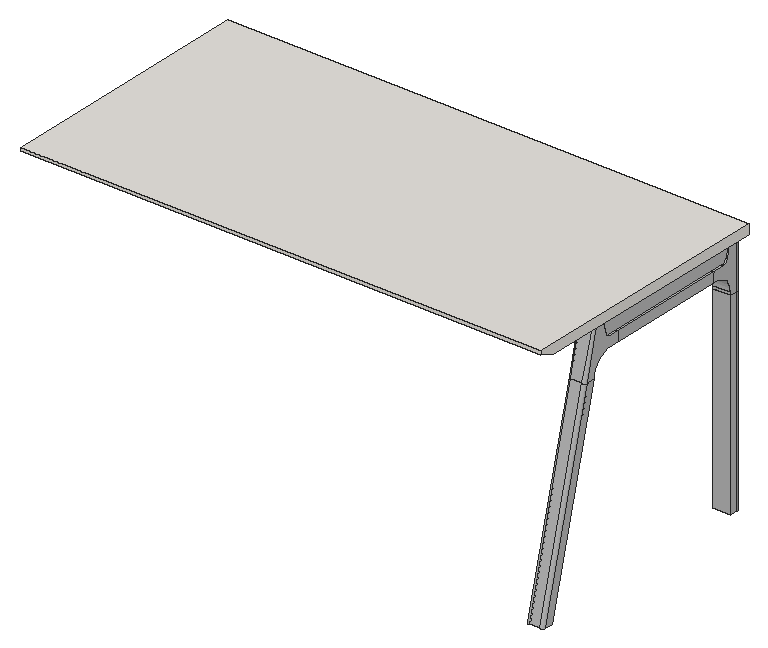
Revit family "Haworth_Intuity_Benching_Return", category Furniture Systems, Revit 2018
Family settings
  Round Connector Dimension = Use Diameter
  Part Type = Normal
  OmniClass Number = 23.40.70.14.64.21
  OmniClass Title = Systems Furniture
  Work Plane-Based = No
  Always vertical = Yes
  Cut with Voids When Loaded = No
  Shared = No
  Room Calculation Point = No
Parameters (values of type "30d 60w")
  Worksurface Finish = Haworth _ Laminate _ Linen H-WL
  Width = 60"
  Warranty = "http://www.haworth.com/resources/product-info/warranties"
  URL - Product = "http://www.haworth.com/products/workspaces/benching/intuity"
  URL = "https://www.haworth.com/na/en.html"
  Top Thickness = 1 3/16"  # constant formula
  Sustainability Info = "https://www.haworth.com/na/en/expertise/sustainability.html"
  Standard Return Widths = "48, 54, 60 inches"  # constant formula
  Min Width = 48"  # constant formula
  Max Width = 60"  # constant formula
  Leg Right Straight Actual [instance] = not(Leg Right Angled)  # no
  Leg Right Straight [instance] = no
  Leg Right Angled [instance] = or(Knife Edge, not(and(Leg Right Straight, Edgeband)))  # yes
  Leg Offset = 1 1/4"  # constant formula
  Leg Height = 28"  # constant formula
  Leg Half = 1"  # constant formula
  Leg Front Offset [instance] = if(Leg Right Angled, 11 1/2", 4 1/2")  # 11 1/2"
  Leg Finish = Haworth _ Paint _ Metallic Silver
  Knife Edge [instance] = yes
  Size = "Verify Final Dim. w/ Haworth"  # constant formula
  Revision Number = "2"  # constant formula
  Model = "Haworth - Intuity - Benching Return"  # constant formula
  Manufacturer = "Haworth"  # constant formula
  Edgeband Actual [instance] = and(Edgeband, not(Leg Right Angled))  # no
  Edgeband [instance] = not(Knife Edge)  # no
  Description = "Haworth - Intuity - Benching Return"  # constant formula
  Custom Size = not(or(Width = 48", Width = 54", Width = 60"))  # no
  Back Leg Offset = 1"  # constant formula
  Author = "Haworth (Hampton)"  # constant formula
  Assembly Code = "E2020200"
  Actual Worksurface Depth = if([30 Depth], 30", 24")  # 30"
  Actual Width = if(Width > Max Width, Max Width, if(Width < Min Width, Min Width, Width))  # 60"
  Actual Height = 29 3/16"  # constant formula
  Access Plate Finish = Haworth _ Paint _ Metallic Silver
  Accent Plate Depth [instance] = if(Leg Right Straight Actual, Actual Worksurface Depth - 9 3/16", Actual Worksurface Depth - 16 3/16")  # 13 13/16"
  30 Depth = not([24 Depth])  # yes
  24 Depth = no
Types (6): name | Width | Actual Worksurface Depth | Actual Width | Accent Plate Depth | 30 Depth | 24 Depth
  24d 48w | 48" | 24" | 48" | 7 13/16" | no | yes
  24d 54w | 54" | 24" | 54" | 7 13/16" | no | yes
  24d 60w | 60" | 24" | 60" | 7 13/16" | no | yes
  30d 48w | 48" | 30" | 48" | 13 13/16" | yes | no
  30d 54w | 54" | 30" | 54" | 13 13/16" | yes | no
  30d 60w | 60" | 30" | 60" | 13 13/16" | yes | no
Reference planes (in)
  plane 1: z = 0
  plane 2 "Center L/R": x = 8.5
  plane 3 "Left Edge": x = -21.5
  plane 4 "Right Edge": x = 38.5
  plane 5 "Support Top": z = 29.1875
  plane 6 "Back": y = -7.86431
  plane 7 "Front": y = -37.86431
  plane 8 "Right Leg Offset": x = 37.25
  plane 9 "Leg Front": y = -26.36431
  plane 10: z = 28
  plane 11 "Leg Right Inside": x = 36.25
  plane 12 "Back Leg": y = -8.86431
Lines and regions (in)
  Masking region 1
    outline origin (0, 0, 0) x (1, 0, 0) y (0, 1, 0)
      loop
        line (-21.5, -7.86431) -> (-21.5, -37.86431) -> (38.5, -37.86431) -> (38.5, -7.86431) -> (-21.5, -7.86431)
Dimensions and locks (in)
  "Actual Width": plane 3 "Left Edge" to plane 4 "Right Edge"
  equal spacing: plane 3 "Left Edge", plane 2 "Center L/R", plane 4 "Right Edge"
  "Actual Height": plane 5 "Support Top" to level
  "Actual Worksurface Depth": plane 7 "Front" to plane 6 "Back"
  "Leg Offset": plane 8 "Right Leg Offset" to plane 4 "Right Edge"
  "Leg Front Offset": plane 7 "Front" to plane 9 "Leg Front"
  "Top Thickness": plane 5 "Support Top" to plane 10
  "Leg Half": plane 11 "Leg Right Inside" to plane 8 "Right Leg Offset"
  "Back Leg Offset": plane 6 "Back" to plane 12 "Back Leg"
  aligned and locked: Masking region 1 sketch curve to plane 3 "Left Edge"
  aligned and locked: Masking region 1 sketch curve to plane 4 "Right Edge"
  aligned and locked: Masking region 1 sketch curve to plane 7 "Front"
  aligned and locked: plane 2 "Center L/R" to nested 1
  aligned and locked: plane 7 "Front" to nested 1
  aligned and locked: nested 2 to plane 8 "Right Leg Offset"
  aligned and locked: plane 9 "Leg Front" to nested 2
  aligned and locked: plane 8 "Right Leg Offset" to nested 4
  aligned and locked: plane 9 "Leg Front" to nested 3
  aligned and locked: nested 3 to plane 8 "Right Leg Offset"
  aligned and locked: nested 5 to plane 8 "Right Leg Offset"
  aligned and locked: nested 4 to plane 12 "Back Leg"
  aligned and locked: nested 5 to plane 9 "Leg Front"
  aligned and locked: plane 6 "Back" to Masking region 1
Automatic sketch dimensions
  plane 6 "Back" to Masking region 1 sketch curve = 0"
Nested families (in)
  nested 1: "Haworth_Intuity_Worksurfaces" at (0, -15, 28), built-in parameter 1001364 <- "Leg Height", type "Top"
    with Knife Edge Void End 66", Actual Width 60", Actual Depth 30"
  nested 2: "Haworth_Intuity_Angled_Leg" at (28.75, -18.5, 0), visible <- "Leg Right Angled", type "Support"
  nested 3: "Haworth_Intuity_Straight_Leg" at (28.75, -18.5, 0), visible <- "Leg Right Straight Actual", type "Support"
  nested 4: "Haworth_Intuity_Straight_Leg" at (45.75, -20.41612, 0) x (-1, 0, 0) z (0, 0, 1), type "Support"
  nested 5: "Haworth_Intuity_Accent_Plate" at (28.75, -8.8125, 0), type "Support"
    with Support Depth 13 13/16"
Definition of nested family "Haworth_Intuity_Worksurfaces"
  Parameters
    Warranty = "http://www.haworth.com/bottom-nav/product-info/warranty-info"
    URL - Product = "http://www.haworth.com/home/systems/benching/intuity"
    URL = "www.haworth.com"
    Knife Edge Void Start = 3"  # constant formula
    Knife Edge Void End = if(Knife Edge, Actual Width + 6", 2")  # 54"
    Knife Edge = not(Edgeband)  # yes
    Finish = none
    Size = "Verify Final Dim. w/ Haworth"  # constant formula
    Revision Number = "1"  # constant formula
    Model = "Haworth_Intuity_Worksurfaces"  # constant formula
    Manufacturer = "Haworth"  # constant formula
    Edgeband = no
    Description = "Haworth_Intuity_Worksurfaces"
    Author = "Haworth (Hampton)"  # constant formula
    Assembly Code = "E2020200"
    Actual Width = 48"
    Actual Height = 1 3/16"  # constant formula
    Actual Depth = 24"
  Reference planes (in)
    plane 1: z = 0
    plane 2 "Center L/R": x = 8.5
    plane 3 "Left Edge": x = -15.5
    plane 4 "Right Edge": x = 32.5
    plane 5 "Support Top": z = 1.1875
    plane 6 "Center F/B": y = -7.86431
    plane 7 "Back": y = 4.13569
    plane 8 "Front": y = -19.86431
    plane 9 "Knife Edge": y = -17.86431
    plane 10 "Knife Edge Seam": z = 0.8125
    plane 11 "Void Left": x = -18.5
    plane 12 "Void Right": x = 35.5
  Forms (in)
    Extrusion 1, solid, material <- "Finish"
      sketch origin (0, 0, 0) x (1, 0, 0) y (0, 1, 0)
        loop
          line (-15.5, 4.13569) -> (-15.5, -19.86431) -> (32.5, -19.86431) -> (32.5, 4.13569) -> (-15.5, 4.13569)
      from 0 to 1.1875
    Extrusion 2, void
      sketch origin (-15.5, 0, 0) x (0, -1, 0) y (0, 0, 1)
        loop
          line (17.86431, 0) -> (17.86431, -0.31399) -> (20.36431, -0.31399) -> (20.36431, 0.8125) -> (19.86431, 0.8125) -> (17.86431, 0)
      from -51 to 3
  Cuts and joins
    Extrusion 2 cuts Extrusion 1
  Lines and regions (in)
    Masking region 1
      outline origin (0, 0, 0) x (1, 0, 0) y (0, 1, 0)
        loop
          line (-15.5, 4.13569) -> (-15.5, -19.86431) -> (32.5, -19.86431) -> (32.5, 4.13569) -> (-15.5, 4.13569)
    symbolic lines
      curve 1: line (-15.5, 4.13569, 0) -> (-15.5, -19.86431, 0)
      curve 2: line (-15.5, -19.86431, 0) -> (32.5, -19.86431, 0)
      curve 3: line (32.5, -19.86431, 0) -> (32.5, 4.13569, 0)
      curve 4: line (32.5, 4.13569, 0) -> (-15.5, 4.13569, 0)
  Dimensions and locks (in)
    "Actual Width": plane 3 "Left Edge" to plane 4 "Right Edge"
    equal spacing: plane 3 "Left Edge", plane 2 "Center L/R", plane 4 "Right Edge"
    "Actual Height": plane 5 "Support Top" to level
    equal spacing: plane 8 "Front", plane 6 "Center F/B", plane 7 "Back"
    "Actual Depth": plane 8 "Front" to plane 7 "Back"
    locked: plane 8 "Front" to plane 9 "Knife Edge" at 2
    locked: plane 5 "Support Top" to plane 10 "Knife Edge Seam" at 0.375
    "Knife Edge Void Start": plane 11 "Void Left" to plane 3 "Left Edge"
    "Knife Edge Void End": plane 11 "Void Left" to plane 12 "Void Right"
    aligned and locked: Masking region 1 sketch curve to plane 3 "Left Edge"
    aligned and locked: Masking region 1 sketch curve to plane 4 "Right Edge"
    aligned and locked: Masking region 1 sketch curve to plane 7 "Back"
    aligned and locked: Masking region 1 sketch curve to plane 8 "Front"
    aligned and locked: Extrusion 1 sketch curve to plane 4 "Right Edge"
    aligned and locked: Extrusion 1 sketch curve to plane 3 "Left Edge"
    aligned and locked: Extrusion 1 sketch curve to plane 7 "Back"
    aligned and locked: Extrusion 1 sketch curve to plane 8 "Front"
    aligned and locked: Extrusion 1 to plane 1
    aligned and locked: plane 5 "Support Top" to Extrusion 1
    aligned and locked: cut or joined group of Extrusion 1, Extrusion 2 to plane 12 "Void Right"
    aligned and locked: plane 11 "Void Left" to Extrusion 2
    aligned and locked: plane 4 "Right Edge" to curve 3
    aligned and locked: plane 7 "Back" to curve 4
    aligned and locked: plane 3 "Left Edge" to curve 1
    aligned and locked: plane 8 "Front" to curve 2
  Automatic sketch dimensions
    Extrusion 2 sketch curve to level = 0"
    Extrusion 2 sketch curve to plane 9 "Knife Edge" = 0"
    Extrusion 2 sketch curve to plane 8 "Front" = 0"
    Extrusion 2 sketch curve to plane 10 "Knife Edge Seam" = 0"
    plane 8 "Front" to Extrusion 2 sketch curve = 1/2"
    Extrusion 2 sketch curve to level = 0.31399"
Definition of nested family "Haworth_Intuity_Angled_Leg"
  Parameters
    URL = "www.haworth.com"
    Support Thickness = 2"  # constant formula
    Support Inset = 1/4"  # constant formula
    Support Height = 28"  # constant formula
    Support Finish = none
    Size = "Verify Final Dim. w/ Haworth"  # constant formula
    Revision Number = "1"  # constant formula
    Model = "Haworth_Intuity_Angled_Leg"  # constant formula
    Manufacturer = "Haworth"  # constant formula
    Description = "Haworth_Intuity_Angled_Leg"
    Author = "Haworth (Hampton)"  # constant formula
    Assembly Code = "E2020200"
    Actual Depth = 10 3/4"  # constant formula
  Reference planes (in)
    plane 1: z = 0
    plane 2 "Center L/R": x = 8.5
    plane 3 "Support Left Edge": x = 7.5
    plane 4 "Support Right Edge": x = 9.5
    plane 5 "Support Top": z = 28
    plane 6 "Center F/B": y = -7.86431
    plane 7 "Inset Left": x = 7.75
    plane 8 "Inset Right": x = 9.25
    plane 9 "Front": y = -18.60273
  Forms (in)
    Extrusion 1, solid, material <- "Support Finish"
      sketch origin (7.5, 0, 0) x (0, -1, 0) y (0, 0, 1)
        loop
          line (18.60273, 0) -> (12.61969, 22.70402) -> (11.40102, 22.70402) -> (17.38407, 0) -> (18.60273, 0)
      from -2 to 0
    Extrusion 2, solid, material <- "Support Finish"
      sketch origin (7.5, 0, 0) x (0, -1, 0) y (0, 0, 1)
        loop
          line (12.61969, 22.70402) -> (11.20064, 28) -> (9.99113, 28) -> (9.63452, 26.66908)
          arc (9.63452, 26.66908) -> (9.41129, 26.335) -> (9.03081, 26.20584) r 0.625
          line (9.03081, 26.20584) -> (7.86431, 26.20584) -> (7.86431, 25.0255) -> (8.76475, 25.0255)
          arc (8.76475, 25.0255) -> (10.36275, 24.48305) -> (11.30031, 23.0799) r 2.625
          line (11.30031, 23.0799) -> (11.40102, 22.70402) -> (12.61969, 22.70402)
      from -2 to 0
    Extrusion 3, void
      sketch origin (0, -0.61412, -4.74042) x (1, 0, 0) y (0, 0.966987, -0.254824)
        loop
          line (9.125, -18.60273) -> (7.875, -18.60273)
          arc (7.875, -18.60273) -> (7.60983, -18.4929) -> (7.5, -18.22773) r 0.375
          line (7.5, -18.22773) -> (7.18721, -18.74452) -> (9.81279, -18.74452) -> (9.5, -18.22773)
          arc (9.5, -18.22773) -> (9.39017, -18.4929) -> (9.125, -18.60273) r 0.375
      from 0 to 30.3576
  Cuts and joins
    Extrusion 3 cuts Extrusion 1
    Extrusion 3 cuts Extrusion 2
  Lines and regions (in)
    symbolic lines, detail levels medium+fine
      curve 1: line (7.5, -7.86431, 0) -> (9.5, -7.86431, 0)
      curve 2: line (7.5, -18.60273, 0) -> (7.5, -7.86431, 0)
      curve 3: line (9.5, -18.60273, 0) -> (7.5, -18.60273, 0)
      curve 4: line (9.5, -7.86431, 0) -> (9.5, -18.60273, 0)
  Dimensions and locks (in)
    "Support Thickness": plane 3 "Support Left Edge" to plane 4 "Support Right Edge"
    equal spacing: plane 3 "Support Left Edge", plane 2 "Center L/R", plane 4 "Support Right Edge"
    "Support Height": plane 5 "Support Top" to level
    "Support Inset": plane 3 "Support Left Edge" to plane 7 "Inset Left"
    "Support Inset": plane 8 "Inset Right" to plane 4 "Support Right Edge"
    aligned and locked: plane 4 "Support Right Edge" to Extrusion 2
    aligned and locked: plane 3 "Support Left Edge" to Extrusion 2
    aligned and locked: plane 4 "Support Right Edge" to Extrusion 1
    aligned and locked: plane 3 "Support Left Edge" to Extrusion 1
  Automatic sketch dimensions
    Extrusion 1 sketch curve to level = 0"
    Extrusion 1 sketch curve to plane 6 "Center F/B" = 3.53671"
    Extrusion 1 sketch curve to Extrusion 1 sketch curve = 1.21867"  (x2)
    Extrusion 2 sketch curve to plane 6 "Center F/B" = 0"
    Extrusion 2 sketch curve to plane 5 "Support Top" = 0"
    Extrusion 2 sketch curve to plane 6 "Center F/B" = 1.1665"
    Extrusion 2 sketch curve to plane 6 "Center F/B" = 0.90044"
    Extrusion 2 sketch curve to Extrusion 2 sketch curve = 0.6037"
    Extrusion 2 sketch curve to Extrusion 2 sketch curve = 0.35662"
    Extrusion 2 sketch curve to Extrusion 2 sketch curve = 2.53556"
    Extrusion 2 sketch curve to Extrusion 2 sketch curve = 1.2095"
    Extrusion 2 sketch curve to Extrusion 2 sketch curve = 0.10072"
    Extrusion 2 sketch curve to Extrusion 2 sketch curve = 1.21867"
    Extrusion 2 sketch curve to Extrusion 2 sketch curve = 0.16176"
    Extrusion 2 sketch curve to Extrusion 2 sketch curve = 1.18035"
    Extrusion 2 sketch curve to Extrusion 2 sketch curve = 1.9456"
    Extrusion 2 sketch curve to Extrusion 2 sketch curve = 0.37588"
    Extrusion 1 sketch curve to plane 6 "Center F/B" = 9.51976"
    Extrusion 1 sketch curve to plane 5 "Support Top" = 5.29598"
    Extrusion 2 sketch curve to plane 5 "Support Top" = 1.16916"
    plane 3 "Support Left Edge" to curve 3 = 0"
    plane 4 "Support Right Edge" to curve 3 = 0"
    curve 3 to plane 6 "Center F/B" = 10.73842"
    plane 6 "Center F/B" to curve 2 = 0"
    Extrusion 3 sketch curve to plane 3 "Support Left Edge" = 0"
    Extrusion 3 sketch curve to plane 4 "Support Right Edge" = 0"
    plane 3 "Support Left Edge" to Extrusion 3 sketch curve = 0.31279"
    plane 7 "Inset Left" to Extrusion 3 sketch curve = 1/8"
    plane 8 "Inset Right" to Extrusion 3 sketch curve = 1/8"
    plane 4 "Support Right Edge" to Extrusion 3 sketch curve = 0.31279"
    Extrusion 3 sketch curve to Extrusion 3 sketch curve = 0.14179"
Definition of nested family "Haworth_Intuity_Straight_Leg"
  Parameters
    URL = "www.haworth.com"
    Top Height = 5 19/64"  # constant formula
    Support Thickness = 2"  # constant formula
    Support Inset = 1/4"  # constant formula
    Support Height = 28"  # constant formula
    Support Finish = none
    Size = "Verify Final Dim. w/ Haworth"  # constant formula
    Revision Number = "1"  # constant formula
    Model = "Haworth_Intuity_Straight_Leg"  # constant formula
    Manufacturer = "Haworth"  # constant formula
    Leg Depth = 1 1/4"  # constant formula
    Description = "Haworth_Intuity_Straight_Leg"
    Author = "Haworth (Hampton)"  # constant formula
    Assembly Code = "E2020200"
    Actual Depth = 3 11/16"  # constant formula
  Reference planes (in)
    plane 1: z = 0
    plane 2 "Center L/R": x = 8.5
    plane 3 "Support Left Edge": x = 7.5
    plane 4 "Support Right Edge": x = 9.5
    plane 5 "Support Top": z = 28
    plane 6 "Center F/B": y = -7.86431
    plane 7 "Leg Outside": y = -11.55181
    plane 8 "Leg Inside": y = -10.30181
    plane 9: z = 22.70313
  Forms (in)
    Extrusion 1, solid, material <- "Support Finish"
      sketch origin (7.5, 0, 0) x (0, -1, 0) y (0, 0, 1)
        loop
          line (11.82451, 22.70313) -> (11.82451, 28) -> (10.24113, 28) -> (9.88452, 26.66908)
          arc (9.88452, 26.66908) -> (9.66129, 26.335) -> (9.28081, 26.20584) r 0.625
          line (9.28081, 26.20584) -> (7.86431, 26.20584) -> (7.86431, 25.0255) -> (8.30181, 25.0255)
          arc (8.30181, 25.0255) -> (9.71602, 24.43971) -> (10.30181, 23.0255) r 2
          line (10.30181, 23.0255) -> (10.30181, 22.70313) -> (11.82451, 22.70313)
      from -2 to 0
    Extrusion 2, solid, material <- "Support Finish"
      sketch origin (0, 0, 0) x (1, 0, 0) y (0, 1, 0)
        loop
          line (7.5, -10.30181) -> (7.5, -11.17681)
          arc (7.5, -11.17681) -> (7.60983, -11.44198) -> (7.875, -11.55181) r 0.375
          line (7.875, -11.55181) -> (9.125, -11.55181)
          arc (9.125, -11.55181) -> (9.39017, -11.44198) -> (9.5, -11.17681) r 0.375
          line (9.5, -11.17681) -> (9.5, -10.30181) -> (7.5, -10.30181)
      from 0 to 22.70313
    Extrusion 3, void
      sketch origin (0, 0, 0) x (1, 0, 0) y (0, 1, 0)
        loop
          line (7.5, -11.17681) -> (7.17397, -11.17681) -> (7.17397, -11.92681) -> (9.82603, -11.92681) -> (9.82603, -11.17681) -> (9.5, -11.17681)
          arc (9.5, -11.17681) -> (9.39017, -11.44198) -> (9.125, -11.55181) r 0.375
          line (9.125, -11.55181) -> (7.875, -11.55181)
          arc (7.875, -11.55181) -> (7.60983, -11.44198) -> (7.5, -11.17681) r 0.375
      from 20.66853 to 28
  Cuts and joins
    Extrusion 3 cuts Extrusion 2
    Extrusion 3 cuts Extrusion 1
  Lines and regions (in)
    symbolic lines, detail levels medium+fine
      curve 1: line (7.5, -7.86431, 0) -> (9.5, -7.86431, 0)
      curve 2: line (7.5, -11.55181, 0) -> (7.5, -7.86431, 0)
      curve 3: line (9.5, -11.55181, 0) -> (7.5, -11.55181, 0)
      curve 4: line (9.5, -7.86431, 0) -> (9.5, -11.55181, 0)
  Dimensions and locks (in)
    "Support Thickness": plane 3 "Support Left Edge" to plane 4 "Support Right Edge"
    equal spacing: plane 3 "Support Left Edge", plane 2 "Center L/R", plane 4 "Support Right Edge"
    "Support Height": plane 5 "Support Top" to level
    "Actual Depth": plane 6 "Center F/B" to plane 7 "Leg Outside"
    "Leg Depth": plane 8 "Leg Inside" to plane 7 "Leg Outside"
    "Top Height": plane 5 "Support Top" to plane 9
    aligned and locked: plane 4 "Support Right Edge" to Extrusion 1
    aligned and locked: plane 3 "Support Left Edge" to Extrusion 1
    aligned and locked: Extrusion 2 sketch curve to plane 4 "Support Right Edge"
    aligned and locked: Extrusion 2 sketch curve to plane 3 "Support Left Edge"
    aligned and locked: Extrusion 2 sketch curve to plane 8 "Leg Inside"
    aligned and locked: plane 7 "Leg Outside" to Extrusion 2 sketch curve
    aligned and locked: Extrusion 2 to level
    aligned and locked: plane 9 to Extrusion 2
    aligned and locked: plane 5 "Support Top" to Extrusion 3
    aligned and locked: cut or joined group of Extrusion 1, Extrusion 3 to plane 9
    aligned and locked: plane 7 "Leg Outside" to curve 3
  Automatic sketch dimensions
    plane 3 "Support Left Edge" to curve 3 = 0"
    plane 4 "Support Right Edge" to curve 3 = 0"
    plane 6 "Center F/B" to curve 2 = 0"
    Extrusion 1 sketch curve to plane 6 "Center F/B" = 0"
    Extrusion 1 sketch curve to plane 5 "Support Top" = 0"
    Extrusion 1 sketch curve to plane 6 "Center F/B" = 7/16"
    Extrusion 1 sketch curve to plane 6 "Center F/B" = 1.4165"
    Extrusion 1 sketch curve to Extrusion 1 sketch curve = 0.6037"
    Extrusion 1 sketch curve to Extrusion 1 sketch curve = 0.35662"
    Extrusion 1 sketch curve to Extrusion 1 sketch curve = 2"
    Extrusion 1 sketch curve to Extrusion 1 sketch curve = 1.58337"
    Extrusion 1 sketch curve to plane 5 "Support Top" = 1.16916"
    Extrusion 1 sketch curve to Extrusion 1 sketch curve = 0.16176"
    Extrusion 1 sketch curve to Extrusion 1 sketch curve = 1.18035"
    Extrusion 1 sketch curve to Extrusion 1 sketch curve = 0.32237"
    Extrusion 3 sketch curve to plane 3 "Support Left Edge" = 0"
    Extrusion 3 sketch curve to plane 7 "Leg Outside" = 0"
    Extrusion 3 sketch curve to plane 4 "Support Right Edge" = 0"
    plane 3 "Support Left Edge" to Extrusion 3 sketch curve = 0.32603"
    plane 4 "Support Right Edge" to Extrusion 3 sketch curve = 0.32603"
    Extrusion 3 sketch curve to plane 7 "Leg Outside" = 3/8"
    Extrusion 2 sketch curve to plane 3 "Support Left Edge" = 3/8"
    Extrusion 3 sketch curve to plane 3 "Support Left Edge" = 3/8"
    Extrusion 2 sketch curve to plane 4 "Support Right Edge" = 3/8"
    Extrusion 3 sketch curve to plane 4 "Support Right Edge" = 3/8"
Definition of nested family "Haworth_Intuity_Accent_Plate"
  Parameters
    URL = "www.haworth.com"
    Support Thickness = 2"  # constant formula
    Support Inset = 1/4"  # constant formula
    Support Height = 28"  # constant formula
    Support Finish = none
    Support Depth = 16"
    Size = "Verify Final Dim. w/ Haworth"  # constant formula
    Revision Number = "1"  # constant formula
    Plate Offset = 2 3/8"  # constant formula
    Model = "Haworth_Intuity_Accent_Plate"  # constant formula
    Manufacturer = "Haworth"  # constant formula
    Leg Depth = 1 1/4"  # constant formula
    Description = "Haworth_Intuity_Accent_Plate"
    Author = "Haworth (Hampton)"  # constant formula
    Assembly Code = "E2020200"
    Actual Depth = 3 11/16"  # constant formula
    Access Plate Finish = none
  Reference planes (in)
    plane 1: z = 0
    plane 2 "Center L/R": x = 8.5
    plane 3 "Support Left Edge": x = 7.5
    plane 4 "Support Right Edge": x = 9.5
    plane 5 "Support Top": z = 28
    plane 6 "Center F/B": y = -10.64556
    plane 7 "Leg Inside": y = -18.64556
    plane 8 "Plate Middle": z = 26.20584
    plane 9 "Plate Bottom": z = 25.0255
    plane 10 "Leg Inside Back": y = -2.64556
    plane 11 "Plate Left": x = 7.75
    plane 12 "Plate Right": x = 9.25
    plane 13 "Plate Front": y = -21.02056
    plane 14 "Plate End": y = -0.27056
  Forms (in)
    Extrusion 1, solid, material <- "Support Finish"
      sketch origin (8.5, 0, 0) x (0, 1, 0) y (0, 0, 1)
        loop
          line (-18.64556, 26.20584) -> (-18.64556, 25.0255) -> (-2.64556, 25.0255) -> (-2.64556, 26.20584) -> (-18.64556, 26.20584)
      from -1 to 1
    Extrusion 2, solid, material <- "Access Plate Finish"
      sketch origin (8.5, 0, 0) x (0, 1, 0) y (0, 0, 1)
        loop
          line (-21.02056, 28) -> (-20.66394, 26.66908)
          arc (-20.66394, 26.66908) -> (-20.44071, 26.335) -> (-20.06024, 26.20584) r 0.625
          line (-20.06024, 26.20584) -> (-1.23088, 26.20584)
          arc (-1.23088, 26.20584) -> (-0.85041, 26.335) -> (-0.62718, 26.66908) r 0.625
          line (-0.62718, 26.66908) -> (-0.27056, 28) -> (-21.02056, 28)
      from -0.75 to 0.75
  Lines and regions (in)
    symbolic lines, detail levels medium+fine
      curve 1: line (7.5, -0.27056, 0) -> (9.5, -0.27056, 0)
      curve 2: line (7.5, -21.02056, 0) -> (7.5, -0.27056, 0)
      curve 3: line (9.5, -21.02056, 0) -> (7.5, -21.02056, 0)
      curve 4: line (9.5, -0.27056, 0) -> (9.5, -21.02056, 0)
  Dimensions and locks (in)
    "Support Thickness": plane 3 "Support Left Edge" to plane 4 "Support Right Edge"
    equal spacing: plane 3 "Support Left Edge", plane 2 "Center L/R", plane 4 "Support Right Edge"
    "Support Height": plane 5 "Support Top" to level
    locked: plane 5 "Support Top" to plane 8 "Plate Middle" at 1.79416
    locked: plane 8 "Plate Middle" to plane 9 "Plate Bottom" at 1.18035
    equal spacing: plane 10 "Leg Inside Back", plane 6 "Center F/B", plane 7 "Leg Inside"
    "Support Depth": plane 7 "Leg Inside" to plane 10 "Leg Inside Back"
    locked: plane 3 "Support Left Edge" to plane 11 "Plate Left" at 0.25
    locked: plane 12 "Plate Right" to plane 4 "Support Right Edge" at 0.25
    "Plate Offset": plane 13 "Plate Front" to plane 7 "Leg Inside"
    "Plate Offset": plane 10 "Leg Inside Back" to plane 14 "Plate End"
    aligned and locked: plane 7 "Leg Inside" to Extrusion 1 sketch curve
    aligned and locked: plane 10 "Leg Inside Back" to Extrusion 1 sketch curve
    aligned and locked: Extrusion 1 sketch curve to plane 8 "Plate Middle"
    aligned and locked: plane 9 "Plate Bottom" to Extrusion 1 sketch curve
    aligned and locked: plane 3 "Support Left Edge" to Extrusion 1
    aligned and locked: plane 4 "Support Right Edge" to Extrusion 1
    aligned and locked: Extrusion 2 sketch curve to plane 8 "Plate Middle"
    aligned and locked: Extrusion 2 sketch curve to plane 5 "Support Top"
    aligned and locked: Extrusion 2 to plane 11 "Plate Left"
    aligned and locked: Extrusion 2 to plane 12 "Plate Right"
    aligned and locked: plane 14 "Plate End" to curve 1
    aligned and locked: plane 13 "Plate Front" to curve 3
  Automatic sketch dimensions
    Extrusion 2 sketch curve to plane 13 "Plate Front" = 0"
    Extrusion 2 sketch curve to plane 14 "Plate End" = 0"
    plane 13 "Plate Front" to Extrusion 2 sketch curve = 0.35662"
    Extrusion 2 sketch curve to Extrusion 2 sketch curve = 0.6037"
    plane 14 "Plate End" to Extrusion 2 sketch curve = 0.96032"
    plane 14 "Plate End" to Extrusion 2 sketch curve = 0.35662"
    plane 8 "Plate Middle" to Extrusion 2 sketch curve = 0.46324"  (x2)
    curve 3 to plane 3 "Support Left Edge" = 0"
    curve 3 to plane 4 "Support Right Edge" = 0"
